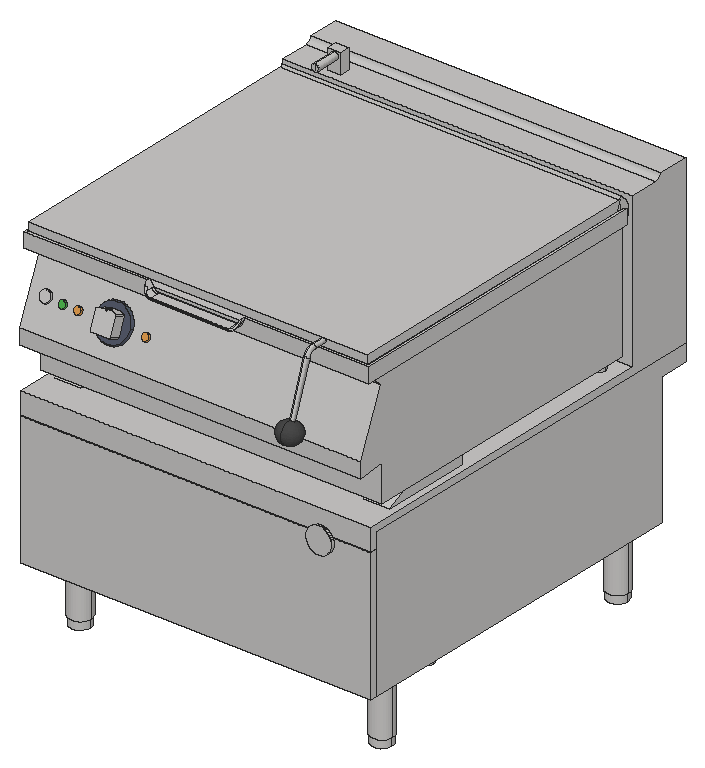
Revit family "QF_ZANUSSI_392137_Z9BRGHDOFM", category Specialty Equipment, Revit 2018
Family settings
  Round Connector Dimension = Use Diameter
  Part Type = Normal
  Work Plane-Based = No
  Always vertical = Yes
  Cut with Voids When Loaded = No
  Shared = No
  Room Calculation Point = No
Parameters
  Width = 800 mm  # constant formula
  Weight in Pounds = 150  # constant formula
  Weight = 0.00 kg
  Watts = 250 VA  # 250 W
  Volts = 230 V  # constant formula
  URL Manufacturer = "http://www.zanussiprofessional.com"
  URL Cutsheet = "www.electrolux.com"
  URL = "http://www.zanussiprofessional.com"
  Type Mark [instance] = ""
  Steam Supply Size = 0"
  Steam Supply Minimum Pressure = 0.00 psi
  Steam Supply Maximum Pressure = 0.00 psi
  Steam Pounds per Hour = 0
  Status [instance] = ""
  Specification by User [instance] = ""
  Specification by Manufacturer = ""
  Show Logo [instance] = yes
  Show Clearance [instance] = yes
  Serial Number = ""
  Seismic Rating = ""
  SMACNA No = ""
  Revision Code [instance] = ""
  Refrigeration Suction Line Size = 0"
  Refrigeration Liquid Line Size = 0"
  Refrigerant Compressor Remote = yes
  Plumbing Remarks [instance] = ""
  Plumbing Connection Type [instance] = ""
  Phase = 1
  Omniclass Number and Title = ""
  Number of Poles [instance] = 1
  NAFEM Spec ID Number = ""
  Model = "Z9BRGHDOFM"
  Min Ckt Ampacity = 0 A
  Mechanical Remarks [instance] = ""
  Mechanical Connection Type [instance] = ""
  Max Overcurrent Protection = 0 A
  Masterspec = ""
  Manufacturer = "Zanussi"
  Length Actual = 800 mm  # constant formula
  Item Number [instance] = "392137"
  Installed By [instance] = ""
  Identify Quantity as Lot [instance] = yes
  Hot Water Size = 0"
  Height Actual = 850 mm  # constant formula
  Height = 850 mm  # constant formula
  HP = "0.1 HP"
  Gas Size = 12.7 mm  # 1/2"
  Gas RI Height [instance] = 0 mm
  Gas KW = 21  # constant formula
  Gas Input = 20980.7 VA  # 71589.0 Btu/h
  Gas Connection Height [instance] = 0 mm
  Furnished By [instance] = ""
  Foodservice Equipment Identifier [instance] = yes
  FL Amps = if(Phase = 3, Watts / (Volts * 1.73), Watts / Volts)  # 1.08696 A
  Electrical Remarks [instance] = "230 V/1N ph/50/60 Hz"  # constant formula
  Electric Connection Type [instance] = ""
  Elec Conn RI Height [instance] = 0 mm
  Elec Conn Connection Height [instance] = 0 mm
  Direct Waste Size = 0"
  Description = "80LT GAS BRAISING PAN-DUOMAT BOTTOM AUT."
  Depth Actual = 900 mm  # constant formula
  Depth = 915 mm  # constant formula
  Cycle [instance] = if([60 Hertz Option], 60 Hz, 50 Hz)  # 60 Hz
  Conn Plug = ""
  Conn Conduit = yes
  Condensate Return Size = 0"
  Compressed Air Volume = 0 GPM
  Compressed Air Size = 0"
  Compressed Air Pressure = 0.00 psi
  Cold Water Temperature Recommended [instance] = -459.67 °F
  Cold Water Size = 3/4"
  Cold Water RI Height [instance] = 0 mm
  Cold Water Minimum Pressure = 0.00 psi
  Cold Water Maximum Pressure = 0.00 psi
  Cold Water Flow [instance] = 0 GPM
  Cold Water Consumption = ""
  Cold Water Connection Height = 0 mm
  CSI MasterFormat = ""
  CSI Master Format = ""
  Assembly Code = ""
  Apparent Power = if(Phase = 3, Volts * FL Amps * 1.73, Volts * FL Amps)  # 250 VA
  Accessory = yes
  60 Hertz Option [instance] = not([50 Hertz Option])  # yes
  50 Hertz Option [instance] = no
Reference planes
  plane 1 "BACK": y = 0
  plane 2: z = 0
  plane 3 "LEFT": x = 0
  plane 4 "RIGHT": x = 800
  plane 5 "FRONT": y = -915
  plane 6 "TOP": z = 898
  plane 7 "Center Y": x = 400
  plane 8 "Center X": y = -457.5
  plane 9 "Base": z = 149
  plane 10: z = 502.193
  plane 11: z = 1653
  plane 12: y = -125
  plane 13: y = -799
  plane 14: x = 55
  plane 15: y = -160.853
  plane 16: x = 745
  plane 17: y = -1014
  plane 18: y = -899.182
  plane 19: x = 786
  plane 20: z = 850
  plane 21 "Connection": z = 182
  plane 22: y = -706
  plane 23: x = 265
  plane 24: x = 105
  plane 25: x = 195
Forms (mm)
  Revolve 1, solid, material "QF_Finishes_Stainless Steel"
    sketch origin (0, -125, 0) x (1, 0, 0) y (0, 0, 1)
      loop
        line (55, 0) -> (55, 149) -> (29.6, 149) -> (29.6, 19.05) -> (32.1, 19.05) -> (32.1, 0) -> (55, 0)
      axis (55, 0) -> (55, 149)
    angle from 0 to 360
  Revolve 2, solid, material "QF_Finishes_Stainless Steel"
    sketch origin (0, -799, 0) x (1, 0, 0) y (0, 0, 1)
      loop
        line (55, 0) -> (55, 149) -> (29.6, 149) -> (29.6, 19.05) -> (32.1, 19.05) -> (32.1, 0) -> (55, 0)
      axis (55, 0) -> (55, 149)
    angle from 0 to 360
  Extrusion 3, solid, material "QF_Finishes_Stainless Steel"
    sketch origin (0, -214.682, 0) x (0, 1, 0) y (0, 0, 1)
      loop
        line (214.682, 487.193) -> (214.682, 866.248) -> (143.055, 866.248)
        arc (143.055, 866.248) -> (139.432, 857.502) -> (130.686, 853.88) r 12.368
        line (130.686, 853.88) -> (64.682, 853.88) -> (64.682, 502.193) -> (-684.5, 502.193) -> (-684.5, 452.193) -> (-669.5, 452.193) -> (-669.5, 487.193) -> (214.682, 487.193)
      loop
        line (-669.5, 149) -> (-669.5, 451.193) -> (-684.5, 451.193) -> (-684.5, 149) -> (-669.5, 149)
    from 0 to 800
  Extrusion 4, solid, material "QF_Finishes_Stainless Steel"
    sketch origin (0, -214.682, 0) x (0, 1, 0) y (0, 0, 1)
      loop
        line (44.029, 528.406) -> (44.029, 817.127) -> (-678.5, 817.127) -> (-678.5, 809.681) -> (-643.264, 774.446) -> (-700.318, 641.094) -> (-700.318, 606.094) -> (-640.765, 613.406) -> (-640.765, 528.406) -> (44.029, 528.406)
    from 10 to 790
  Sweep 5, solid, material "QF_Finishes_Stainless Steel"
    path origin (0, -204.882, 145) x (-1, 0, 0) y (0, -1, 0)
      loop
        line (-290, 694.3) -> (-5, 694.3) -> (-5, -44.029) -> (-795, -44.029) -> (-795, 694.3) -> (-510, 694.3)
    profile origin (652.5, -899.182, 145) x (0, -1, 0) y (0, 0, 1)
      loop
        line (-5, 651.359) -> (0, 651.359) -> (0, 685.301) -> (-6, 685.301) -> (-6, 681.062) -> (-5, 681.062) -> (-5, 651.359)
  Extrusion 6, solid, material "QF_Finishes_Stainless Steel"
    sketch origin (0, -214.682, -5) x (0, 1, 0) y (0, 0, 1)
      loop
        line (33.715, 835.301) -> (42.572, 855) -> (-677.138, 855) -> (-677.138, 835.301) -> (33.715, 835.301)
      loop
        arc (64.305, 837.022) -> (57.071, 850.749) -> (45.92, 861.539) r 49.182
        line (45.92, 861.539) -> (39.069, 846.301) -> (45.904, 846.301) -> (45.904, 832.604) -> (64.305, 814.204) -> (64.305, 837.022)
    from 12.363 to 787.637
  Extrusion 7, solid, material "QF_Finishes_Stainless Steel"
    sketch origin (0, -214.682, 0) x (0, 1, 0) y (0, 0, 1)
      loop
        line (-403.818, 528.406) -> (-556.057, 528.406) -> (-609.801, 502.193) -> (-403.818, 502.193) -> (-403.818, 528.406)
    from 16.63 to 76.513
  Extrusion 8, solid, material "QF_Finishes_Stainless Steel"
    sketch origin (0, -207.182, 150) x (-1, 0, 0) y (0, -1, 0)
      loop
        circle (-46.571, -17.496) r 15
      loop
        circle (-753.429, -17.496) r 15
    from 352.193 to 383.406
  Extrusion 9, solid, material "QF_Finishes_Stainless Steel"
    sketch origin (0, -64.682, 0) x (0, 1, 0) y (0, 0, 1)
      loop
        line (-43.387, 853.88) -> (-43.387, 898) -> (-67.444, 898) -> (-67.444, 853.88) -> (-43.387, 853.88)
    from 87.469 to 116.843
  Revolve 10, solid, material "QF_Finishes_Stainless Steel"
    sketch origin (103.25, -64.682, 0) x (0, 1, 0) y (0, 0, 1)
      loop
        line (-67.444, 888.097) -> (-67.444, 896.222) -> (-123.629, 896.222) -> (-123.629, 888.097) -> (-67.444, 888.097)
      axis (-123.629, 888.097) -> (-67.444, 888.097)
    angle from 0 to 360
  Extrusion 11, solid, material "QF_Clearances", visible <- "Show Clearance", detail levels coarse
    sketch origin (0, -214.682, 0) x (1, 0, 0) y (0, 1, 0)
      loop
        line (800, 214.682) -> (800, -700.318) -> (850, -700.318) -> (850, 264.682) -> (-50, 264.682) -> (-50, -700.318) -> (0, -700.318) -> (0, 214.682) -> (800, 214.682)
    from 0 to 898
  Extrusion 12, solid, material "QF_Finishes_Stainless Steel"
    sketch origin (800, 0, 0) x (0, 1, 0) y (0, 0, 1)
      loop
        line (-884.182, 149) -> (-69, 149) -> (-69, 448) -> (0, 448) -> (0, 487.193) -> (-884.182, 487.193) -> (-884.182, 149)
    from 0 to -800
  Revolve 13, solid, material "QF_Finishes_Stainless Steel"
    sketch origin (1000, -125, 0) x (-1, 0, 0) y (0, 0, -1)
      loop
        line (255, 0) -> (232.1, 0) -> (232.1, -19.05) -> (229.6, -19.05) -> (229.6, -149) -> (255, -149) -> (255, 0)
      axis (255, 0) -> (255, -149)
    angle from 0 to 360
  Revolve 14, solid, material "QF_Finishes_Stainless Steel"
    sketch origin (1000, -799, 0) x (-1, 0, 0) y (0, 0, -1)
      loop
        line (255, 0) -> (232.1, 0) -> (232.1, -19.05) -> (229.6, -19.05) -> (229.6, -149) -> (255, -149) -> (255, 0)
      axis (255, 0) -> (255, -149)
    angle from 0 to 360
  Sweep 15, solid, material "QF_Finishes_Stainless Steel"
    path origin (8.84, -214.682, -10) x (0, 1, 0) y (0, 0, 1)
      loop
        line (-677.138, 852.831) -> (-705.492, 852.831)
        arc (-705.492, 852.831) -> (-716.963, 849.214) -> (-724.286, 839.672) r 20
        line (-724.286, 839.672) -> (-765.322, 726.924)
    profile origin (8.84, -905.997, 842.831) x (0, 0, -1) y (1, 0, 0)
      loop
        circle (0, 676.16) r 5
  Revolve 16, solid, material "QF_Finishes_Black"
    sketch origin (685, -194.682, 0) x (0, 1, 0) y (0, 0, 1)
      loop
        line (-785.322, 716.924) -> (-792.738, 719.623)
        arc (-792.738, 719.623) -> (-818.978, 701.075) -> (-800.713, 674.638) r 22.845
        line (-800.713, 674.638) -> (-785.322, 716.924)
      axis (-785.322, 716.924) -> (-800.713, 674.638)
    angle from 0 to 360
  Extrusion 17, solid, material "QF_Finishes_Stainless Steel"
    sketch origin (800, -69, 149) x (-1, 0, 0) y (0, 1, 0)
      loop
        circle (14, -649.182) r 12.7
    from 0 to 5
  Extrusion 18, solid, material "QF_Finishes_Stainless Steel"
    sketch origin (-3.75, -899.182, 149) x (0, 0, 1) y (-1, 0, 0)
      loop
        circle (289.443, -688.75) r 30
    from 0 to 5
  Extrusion 19, solid, material "QF_Finishes_Stainless Steel"
    sketch origin (800, -214.682, 0) x (0, 1, 0) y (0, 0, -1)
      loop
        line (-403.818, -528.406) -> (-403.818, -502.193) -> (-609.801, -502.193) -> (-556.057, -528.406) -> (-403.818, -528.406)
    from 16.63 to 76.513
  Extrusion 20, solid, material "QF_Finishes_Stainless Steel"
    sketch origin (0, 0, 182) x (-1, 0, 0) y (0, -1, 0)
      loop
        circle (-105, 706) r 6.35
    from 0 to 45
  Extrusion 21, solid, material "QF_Finishes_Stainless Steel"
    sketch origin (21.213, 21.213, 182) x (-1, 0, 0) y (0, -1, 0)
      loop
        circle (-173.787, 719.213) r 6.35
    from 0 to 45
  Extrusion 22, solid, material "QF_Finishes_Stainless Steel"
    sketch origin (130, 0, 182) x (-1, 0, 0) y (0, -1, 0)
      loop
        circle (-135, 706) r 6.35
    from 0 to 45
  Extrusion 23, solid, material "QF_Finishes_Stainless Steel"
    sketch origin (0, -201.682, -15.905) x (1, 0, 0) y (0, 0, 1)
      loop
        line (509.996, 839.805) -> (509.996, 846.205) -> (502.677, 833.527)
        arc (502.677, 833.527) -> (496.674, 827.524) -> (488.474, 825.327) r 16.4
        line (488.474, 825.327) -> (311.526, 825.327)
        arc (311.526, 825.327) -> (303.32, 827.526) -> (297.312, 833.534) r 16.413
        line (297.312, 833.534) -> (289.996, 846.205) -> (289.996, 839.805) -> (294.541, 831.934)
        arc (294.541, 831.934) -> (301.72, 824.755) -> (311.526, 822.127) r 19.613
        line (311.526, 822.127) -> (488.474, 822.127)
        arc (488.474, 822.127) -> (498.274, 824.753) -> (505.448, 831.927) r 19.6
        line (505.448, 831.927) -> (509.996, 839.805)
    from 697.5 to 717.595
  Extrusion 24, void
    sketch origin (900, 188.397, 1219.2) x (0, -1, 0) y (0, 0, 1)
      loop
        line (1110.167, -415.736) -> (1110.167, -387.945) -> (1093.05, -387.945) -> (1110.167, -415.736)
    from 390 to 610
  Extrusion 25, solid, material "QF_Finishes_Orange"
    sketch origin (9.372, -901.482, 672.689) x (0, 0.393353, 0.919387) y (-1, 0, 0)
      loop
        circle (34.513, -113.251) r 8
    from 0 to 3.175
  Extrusion 26, solid, material "QF_Finishes_Green"
    sketch origin (14.068, -901.51, 672.624) x (0, 0.393353, 0.919387) y (-1, 0, 0)
      loop
        circle (34.513, -73.251) r 8
    from 0 to 3.175
  Extrusion 27, solid, material "QF_Finishes_Stainless Steel"
    sketch origin (10.937, -915, 641.094) x (0, 0.393353, 0.919387) y (-1, 0, 0)
      loop
        circle (71.473, -36.635) r 12.7
    from 0 to 3.2
  Extrusion 28, solid, material "QF_Finishes_Orange"
    sketch origin (164.372, -901.482, 672.689) x (0, 0.393353, 0.919387) y (-1, 0, 0)
      loop
        circle (34.513, -113.251) r 8
    from 0 to 3.175
  Extrusion 29, solid, material "QF_Clearances", visible <- "Show Clearance", detail levels coarse
    sketch origin (0, -996.643, 709.193) x (0, 0.238373, -0.971174) y (0, 0.971174, 0.238373)
      loop
        line (33.715, 835.301) -> (42.572, 855) -> (-677.138, 855) -> (-677.138, 835.301) -> (33.715, 835.301)
      loop
        arc (64.305, 837.022) -> (57.071, 850.749) -> (45.92, 861.539) r 49.182
        line (45.92, 861.539) -> (39.069, 846.301) -> (45.904, 846.301) -> (45.904, 832.604) -> (64.305, 814.204) -> (64.305, 837.022)
    from 12.363 to 787.637
  Sweep 30, solid, material "QF_Clearances", visible <- "Show Clearance", detail levels coarse
    path origin (8.84, -1001.499, 708.002) x (0, 0.238373, -0.971174) y (0, 0.971174, 0.238373)
      loop
        line (-677.138, 852.831) -> (-705.492, 852.831)
        arc (-705.492, 852.831) -> (-716.963, 849.214) -> (-724.286, 839.672) r 20
        line (-724.286, 839.672) -> (-765.322, 726.924)
    profile origin (8.84, -338.043, 1582.68) x (0, -0.971174, -0.238373) y (1, 0, 0)
      loop
        circle (0, 676.16) r 5
  Revolve 31, solid, material "QF_Clearances", visible <- "Show Clearance", detail levels coarse
    sketch origin (685, -987.02, 690.962) x (0, 0.238373, -0.971174) y (0, 0.971174, 0.238373)
      loop
        line (-785.322, 716.924) -> (-792.738, 719.623)
        arc (-792.738, 719.623) -> (-818.978, 701.075) -> (-800.713, 674.638) r 22.845
        line (-800.713, 674.638) -> (-785.322, 716.924)
      axis (-785.322, 716.924) -> (-800.713, 674.638)
    angle from 0 to 360
  Extrusion 32, solid, material "QF_Finishes_Stainless Steel"
    sketch origin (290, -899.182, 830.301) x (-1, 0, 0) y (0, 0, -1)
      loop
        line (0.004, 33.941) -> (-220, 33.941) -> (-220, -0.006) -> (-212.677, 12.678)
        arc (-212.677, 12.678) -> (-206.674, 18.681) -> (-198.474, 20.878) r 16.4
        line (-198.474, 20.878) -> (-21.526, 20.878)
        arc (-21.526, 20.878) -> (-13.32, 18.679) -> (-7.312, 12.672) r 16.413
        line (-7.312, 12.672) -> (0.004, 0) -> (0.004, 33.941)
    from 0 to -6
  Extrusion 33, solid, material "QF_Plastic-Black-Matte"
    sketch origin (145.417, -886.886, 706.805) x (0, 0.393353, 0.919387) y (0, 0.919387, -0.393353)
      loop
        line (26.984, -34) -> (23.984, -34) -> (23.984, -35) -> (26.984, -35)
        arc (26.984, -35) -> (27.691, -34.707) -> (27.984, -34) r 1
        line (27.984, -34) -> (27.984, -19) -> (26.984, -19) -> (26.984, -34)
    from -58.5 to -56.5
  Extrusion 34, solid, material "QF_Finishes_Stainless Steel"
    sketch origin (202.917, -886.886, 706.805) x (-1, 0, 0) y (0, -0.393353, -0.919387)
      loop
        line (17.5, -17.5) -> (17.5, 17.5) -> (-17.5, 17.5) -> (-17.5, -17.5) -> (17.5, -17.5)
    from 5 to 10
  Extrusion 35, solid, material "QF_Finishes_Stainless Steel"
    sketch origin (202.917, -886.886, 706.805) x (-1, 0, 0) y (0, -0.393353, -0.919387)
      loop
        arc (-21.147, -22.789) -> (0, -26.984) -> (21.147, -22.789) r 55.4
        arc (21.147, -22.789) -> (22.494, -21.685) -> (23, -20.019) r 2.997
        line (23, -20.019) -> (23, 20.019)
        arc (23, 20.019) -> (22.122, 22.138) -> (20.003, 23.016) r 2.997
        line (20.003, 23.016) -> (-20.003, 23.016)
        arc (-20.003, 23.016) -> (-22.122, 22.138) -> (-23, 20.019) r 2.997
        line (-23, 20.019) -> (-23, -20.019)
        arc (-23, -20.019) -> (-22.494, -21.685) -> (-21.147, -22.789) r 2.997
    from 10 to 34
  Blend 36, solid, material "QF_Finishes_Navy Blue"
    base sketch origin (202.917, -886.886, 706.805) x (1, 0, 0) y (0, 0.393353, 0.919387)
      loop
        circle (0, 0) r 42.5
    top sketch origin (202.917, -886.886, 706.805) x (1, 0, 0) y (0, 0.393353, 0.919387)
      loop
        circle (0, 0) r 40.5
    from 0 to 5
Cuts and joins
  Extrusion 24 cuts Extrusion 23
  joined: Sweep 5, Extrusion 23, Extrusion 32
Lines and regions (mm)
  Split face 1
    outline origin (202.917, -891.483, 708.772) x (1, 0, 0) y (0, 0.393353, 0.919387)
      loop
        arc (-0.521, 36.501) -> (-26.491, 26.394) -> (-37.708, 0.884) r 36.411
        line (-37.708, 0.884) -> (-31.708, 0.884)
        arc (-31.708, 0.884) -> (-21.998, 23.844) -> (-0.521, 36.501) r 39.733
  Split face 2
    outline origin (202.917, -891.483, 708.772) x (1, 0, 0) y (0, 0.393353, 0.919387)
      loop
        circle (-30.633, -14.752) r 1.5
  Split face 3
    outline origin (202.917, -891.483, 708.772) x (1, 0, 0) y (0, 0.393353, 0.919387)
      loop
        circle (-21.199, -26.582) r 1.5
  Split face 4
    outline origin (202.917, -891.483, 708.772) x (1, 0, 0) y (0, 0.393353, 0.919387)
      loop
        circle (-7.566, -33.148) r 1.5
  Split face 5
    outline origin (202.917, -891.483, 708.772) x (1, 0, 0) y (0, 0.393353, 0.919387)
      loop
        circle (7.566, -33.148) r 1.5
  Split face 6
    outline origin (202.917, -891.483, 708.772) x (1, 0, 0) y (0, 0.393353, 0.919387)
      loop
        circle (21.199, -26.582) r 1.5
  Split face 7
    outline origin (202.917, -891.483, 708.772) x (1, 0, 0) y (0, 0.393353, 0.919387)
      loop
        circle (30.633, -14.752) r 1.5
  Split face 8
    outline origin (202.917, -891.483, 708.772) x (1, 0, 0) y (0, 0.393353, 0.919387)
      loop
        circle (34, 0) r 1.5
  Split face 9
    outline origin (202.917, -891.483, 708.772) x (1, 0, 0) y (0, -0.393353, -0.919387)
      loop
        circle (30.633, -14.752) r 1.5
  Split face 10
    outline origin (202.917, -891.483, 708.772) x (1, 0, 0) y (0, -0.393353, -0.919387)
      loop
        circle (21.199, -26.582) r 1.5
  symbolic lines
    curve 1: line (10, -915, 149) -> (180, -915, 149)
    curve 2: line (0, -899.182, 149) -> (280.622, -899.182, 149)
    curve 3: line (5, -160.853, 149) -> (5, -899.182, 149)
    curve 4: line (0, 0, 149) -> (0, -899.182, 149)
    curve 5: line (800, -899.182, 149) -> (800, 0, 149)
    curve 6: line (5, -160.853, 149) -> (95.125, -160.853, 149)
    curve 7: line (789, -171.653, 149) -> (111.375, -171.653, 149)
    curve 8: line (0, -71.628, 149) -> (800, -71.628, 149)
    curve 9: line (111.375, -160.853, 149) -> (795, -160.853, 149)
    curve 10: line (95.125, -172.111, 149) -> (12.363, -172.111, 149)
    curve 11: line (90.942, -172.111, 149) -> (90.942, -192.672, 149)
    curve 12: line (117.192, -171.653, 149) -> (117.192, -192.672, 149)
    curve 13: arc (90.942, -192.672, 149) -> (104.067, -205.797, 149) -> (117.192, -192.672, 149) r 13.125
    curve 14: line (504.543, -915, 149) -> (680, -915, 149)
    curve 15: line (12.363, -891.82, 149) -> (787.637, -891.82, 149)
    curve 16: line (0, 0, 149) -> (800, 0, 149)
    curve 20: line (680, -980.005, 149) -> (680, -891.82, 149)
    curve 21: line (690, -980.005, 149) -> (690, -891.82, 149)
    curve 22: spline (685, -987.42, 149) -> (686.603, -987.265, 149) -> (688.14, -986.808, 149) -> (689.545, -986.066, 149) -> (690.761, -985.072, 149) -> (691.737, -983.866, 149) -> (692.431, -982.499, 149) -> (692.815, -981.028, 149) -> (692.874, -979.515, 149) -> (692.604, -978.022, 149) -> (692.016, -976.611, 149) -> (691.136, -975.342, 149) -> (690, -974.268, 149)
    curve 23: spline (690, -980.005, 149) -> (689.957, -980.618, 149) -> (689.83, -981.221, 149) -> (689.619, -981.803, 149) -> (689.33, -982.354, 149) -> (688.967, -982.865, 149) -> (688.536, -983.327, 149) -> (688.044, -983.732, 149) -> (687.5, -984.074, 149) -> (686.913, -984.345, 149) -> (686.294, -984.543, 149) -> (685.653, -984.663, 149) -> (685, -984.703, 149)
    curve 24: spline (685, -984.703, 149) -> (684.347, -984.663, 149) -> (683.706, -984.543, 149) -> (683.087, -984.345, 149) -> (682.5, -984.074, 149) -> (681.956, -983.732, 149) -> (681.464, -983.327, 149) -> (681.033, -982.865, 149) -> (680.67, -982.354, 149) -> (680.381, -981.803, 149) -> (680.17, -981.221, 149) -> (680.043, -980.618, 149) -> (680, -980.005, 149)
    curve 25: spline (680, -974.268, 149) -> (678.864, -975.342, 149) -> (677.984, -976.611, 149) -> (677.396, -978.022, 149) -> (677.126, -979.515, 149) -> (677.185, -981.028, 149) -> (677.569, -982.499, 149) -> (678.263, -983.866, 149) -> (679.239, -985.072, 149) -> (680.455, -986.066, 149) -> (681.86, -986.808, 149) -> (683.397, -987.265, 149) -> (685, -987.42, 149)
    curve 26: line (95.125, -188.311, 149) -> (111.375, -188.311, 149)
    curve 27: line (95.125, -132.127, 149) -> (95.125, -188.311, 149)
    curve 28: line (111.375, -188.311, 149) -> (111.375, -132.127, 149)
    curve 29: line (87.469, -132.127, 149) -> (116.843, -132.127, 149)
    curve 30: line (87.469, -108.069, 149) -> (87.469, -132.127, 149)
    curve 31: line (116.843, -108.069, 149) -> (87.469, -108.069, 149)
    curve 32: line (116.843, -132.127, 149) -> (116.843, -108.069, 149)
    curve 33: arc (680, -961.314, 149) -> (685, -1014, 149) -> (690, -961.314, 149) r 26.58
    curve 34: line (0, -150, 182) -> (95.125, -150, 182)
    curve 35: line (800, -150, 182) -> (111.375, -150, 182)
    curve 36: line (12.363, -891.82, 149) -> (12.363, -172.111, 149)
    curve 37: line (787.637, -891.82, 149) -> (787.637, -171.653, 149)
    curve 38: line (790, -915, 182) -> (790, -899.182, 182)
    curve 39: line (10, -899.182, 182) -> (10, -915, 182)
    curve 40: line (795, -160.853, 149) -> (795, -899.182, 149)
    curve 41: line (225.917, -915, 149) -> (295.414, -915, 149)
    curve 42: line (519.371, -899.182, 182) -> (505.448, -914.035, 182)
    curve 43: spline (505.442, -914.033, 182) -> (504.902, -914.595, 182) -> (504.301, -915.14, 182) -> (503.641, -915.666, 182) -> (502.924, -916.17, 182) -> (502.153, -916.653, 182) -> (501.331, -917.111, 182) -> (500.459, -917.544, 182) -> (499.542, -917.95, 182) -> (498.582, -918.327, 182) -> (497.581, -918.675, 182) -> (496.544, -918.992, 182) -> (495.475, -919.277, 182)
    curve 44: line (304.523, -919.277, 182) -> (495.475, -919.277, 182)
    curve 45: line (294.541, -914.031, 182) -> (280.622, -899.182, 182)
    curve 46: spline (304.523, -919.277, 182) -> (303.452, -918.992, 182) -> (302.414, -918.675, 182) -> (301.413, -918.327, 182) -> (300.452, -917.949, 182) -> (299.534, -917.543, 182) -> (298.662, -917.11, 182) -> (297.838, -916.651, 182) -> (297.067, -916.168, 182) -> (296.35, -915.663, 182) -> (295.689, -915.137, 182) -> (295.087, -914.592, 182) -> (294.547, -914.029, 182)
    curve 47: line (519.371, -899.182, 149) -> (680, -899.182, 149)
    curve 48: line (690, -899.182, 149) -> (800, -899.182, 149)
    curve 49: line (690, -915, 149) -> (790, -915, 149)
    curve 50: line (179.917, -899.608, 0) -> (179.917, -925.865, 0)
    curve 51: arc (179.917, -925.865, 0) -> (180.063, -926.329, 0) -> (180.449, -926.625, 0) r 0.809
    curve 52: arc (180.449, -926.625, 0) -> (181.637, -927.106, 0) -> (182.915, -927.199, 0) r 4.127
    curve 53: arc (179.917, -910.498, 0) -> (180.419, -909.777, 0) -> (181.217, -909.408, 0) r 1.682
    curve 54: arc (181.217, -909.408, 0) -> (191.519, -907.91, 0) -> (201.917, -907.4, 0) r 109.079
    curve 55: line (201.917, -899.595, 0) -> (201.917, -909.63, 0)
    curve 56: line (201.917, -909.63, 0) -> (203.917, -909.63, 0)
    curve 57: line (203.917, -909.63, 0) -> (203.917, -899.63, 0)
    curve 58: line (225.917, -899.595, 0) -> (225.917, -925.865, 0)
    curve 59: arc (225.917, -925.865, 0) -> (225.771, -926.329, 0) -> (225.385, -926.625, 0) r 0.809
    curve 60: arc (225.385, -926.625, 0) -> (224.197, -927.106, 0) -> (222.92, -927.199, 0) r 4.127
    curve 61: arc (225.917, -910.498, 0) -> (225.415, -909.777, 0) -> (224.618, -909.408, 0) r 1.682
    curve 62: arc (224.618, -909.408, 0) -> (214.315, -907.91, 0) -> (203.917, -907.4, 0) r 109.079
    curve 63: line (182.915, -927.199, 0) -> (222.92, -927.199, 0)
    curve 64: spline (225.917, -904.595, 0) -> (227.104, -904.261, 0) -> (228.259, -903.91, 0) -> (229.381, -903.542, 0) -> (230.469, -903.159, 0) -> (231.521, -902.761, 0) -> (232.535, -902.348, 0) -> (233.512, -901.921, 0) -> (234.448, -901.481, 0) -> (235.344, -901.027, 0) -> (236.197, -900.561, 0) -> (237.007, -900.084, 0) -> (237.773, -899.595, 0)
    curve 65: spline (168.061, -899.595, 0) -> (168.827, -900.084, 0) -> (169.637, -900.561, 0) -> (170.491, -901.027, 0) -> (171.386, -901.481, 0) -> (172.323, -901.921, 0) -> (173.299, -902.348, 0) -> (174.314, -902.761, 0) -> (175.366, -903.159, 0) -> (176.453, -903.542, 0) -> (177.576, -903.91, 0) -> (178.731, -904.261, 0) -> (179.917, -904.595, 0)
  symbolic lines, style "QF_Clearances", visible <- "Show Clearance", detail levels coarse
    curve 17: line (-50, 50, 150) -> (-50, -918.182, 150)
    curve 18: line (850, 50, 150) -> (850, -915, 150)
    curve 19: line (850, 50, 150) -> (-50, 50, 150)
Dimensions and locks
  equal spacing: plane 3 "LEFT", plane 7 "Center Y", plane 4 "RIGHT"
  "Width": plane 3 "LEFT" to plane 4 "RIGHT"
  equal spacing: plane 5 "FRONT", plane 8 "Center X", plane 1 "BACK"
  "Depth": plane 5 "FRONT" to plane 1 "BACK"
  plane 9 "Base" to level = 149 mm
  plane 11 to level = 1653 mm
  plane 11 to plane 2 = 1653 mm
  plane 9 "Base" to plane 2 = 149 mm
  plane 13 to plane 12 = 674 mm
  plane 5 "FRONT" to plane 1 "BACK" = 915 mm
  plane 6 "TOP" to plane 2 = 898 mm
  plane 4 "RIGHT" to plane 16 to plane 14 to plane 3 "LEFT" = 55 mm, 690 mm, 55 mm
  plane 1 "BACK" to plane 17 = 1014 mm
  Extrusion 12 to plane 1 "BACK" = 69 mm
  Extrusion 6 to plane 9 "Base" = 701 mm
  plane 2 to Extrusion 12 = 448 mm
  Extrusion 3 to plane 13 = 100.182 mm
  plane 12 to Extrusion 12 = 56 mm
  plane 4 "RIGHT" to plane 19 = 14 mm
  plane 20 to plane 9 "Base" to level = 701 mm, 149 mm
  plane 1 "BACK" to Extrusion 12 = 69 mm
  Extrusion 12 to plane 12 = 56 mm
  plane 12 to plane 13 = 674 mm
  plane 13 to Extrusion 3 = 100.182 mm
  Extrusion 12 to level = 448 mm
  plane 6 "TOP" to level = 898 mm
  plane 21 "Connection" to level = 182 mm
  plane 1 "BACK" to plane 22 = 706 mm
  plane 3 "LEFT" to Extrusion 20 sketch curve = 105 mm
  Extrusion 21 sketch curve to plane 1 "BACK" = 698 mm
  plane 3 "LEFT" to Extrusion 21 sketch curve = 195 mm
  Extrusion 21 to plane 1 "BACK" = 698 mm
  plane 3 "LEFT" to Extrusion 22 sketch curve = 265 mm
  plane 3 "LEFT" to plane 24 = 105 mm
  plane 3 "LEFT" to plane 25 = 195 mm
  plane 3 "LEFT" to plane 23 = 265 mm
  Extrusion 3 to Extrusion 17 = 181 mm
  Extrusion 17 to Extrusion 3 = 181 mm
  "Height": plane 20 to level
  aligned and locked: level to plane 2
  aligned and locked: Extrusion 12 to plane 3 "LEFT"
Automatic sketch dimensions
  Revolve 1 sketch curve to plane 9 "Base" = 0 mm  (x2)
  Revolve 1 sketch curve to level = 0 mm
  Revolve 1 sketch curve to plane 14 = 0 mm  (x2)
  Revolve 1 sketch curve to Revolve 1 sketch curve = 22.9 mm
  Revolve 1 sketch curve to Revolve 1 sketch curve = 2.5 mm
  level to Revolve 1 sketch curve = 19.05 mm
  Revolve 1 sketch curve to plane 21 "Connection" = 13 mm
  Revolve 2 sketch curve to plane 9 "Base" = 0 mm  (x2)
  Revolve 2 sketch curve to level = 0 mm
  Revolve 2 sketch curve to plane 14 = 0 mm  (x2)
  Revolve 2 sketch curve to Revolve 2 sketch curve = 22.9 mm
  Revolve 2 sketch curve to Revolve 2 sketch curve = 2.5 mm
  level to Revolve 2 sketch curve = 19.05 mm
  Revolve 2 sketch curve to plane 21 "Connection" = 13 mm
  Extrusion 7 sketch curve to plane 10 = 0 mm
  Extrusion 7 sketch curve to plane 13 = 25.484 mm
  plane 13 to Extrusion 7 sketch curve = 28.261 mm
  plane 22 to Extrusion 7 sketch curve = 87.5 mm
  plane 10 to Extrusion 7 sketch curve = 26.213 mm
  Extrusion 8 sketch curve to plane 16 = 8.429 mm
  Extrusion 8 sketch curve to plane 14 = 8.429 mm
  Extrusion 8 sketch curve to plane 12 = 64.686 mm  (x2)
  Extrusion 9 sketch curve to plane 6 "TOP" = 0 mm
  Extrusion 9 sketch curve to plane 12 = 7.127 mm
  plane 12 to Extrusion 9 sketch curve = 16.931 mm
  plane 20 to Extrusion 9 sketch curve = 3.88 mm
  Revolve 10 sketch curve to plane 6 "TOP" = 9.903 mm
  Revolve 10 sketch curve to plane 12 = 63.311 mm
  Revolve 10 sketch curve to plane 12 = 7.127 mm
  Revolve 10 sketch curve to Revolve 10 sketch curve = 0 mm  (x2)
  plane 12 to Revolve 10 sketch curve = 1.394 mm
  Revolve 10 sketch curve to plane 6 "TOP" = 1.778 mm
  Revolve 13 sketch curve to plane 9 "Base" = 0 mm  (x2)
  Revolve 13 sketch curve to level = 0 mm
  plane 16 to Revolve 13 sketch curve = 0 mm  (x2)
  Revolve 13 sketch curve to plane 19 = 18.1 mm
  Revolve 13 sketch curve to Revolve 13 sketch curve = 2.5 mm
  Revolve 13 sketch curve to plane 21 "Connection" = 13 mm
  level to Revolve 13 sketch curve = 19.05 mm
  Revolve 14 sketch curve to plane 9 "Base" = 0 mm  (x2)
  Revolve 14 sketch curve to level = 0 mm
  plane 16 to Revolve 14 sketch curve = 0 mm  (x2)
  Revolve 14 sketch curve to plane 19 = 18.1 mm
  Revolve 14 sketch curve to Revolve 14 sketch curve = 2.5 mm
  Revolve 14 sketch curve to plane 21 "Connection" = 13 mm
  level to Revolve 14 sketch curve = 19.05 mm
  plane 17 to Revolve 16 sketch curve = 18.604 mm
  Revolve 16 sketch curve to Revolve 16 sketch curve = 0 mm  (x4)
  plane 17 to Revolve 16 sketch curve = 22.834 mm
  Revolve 16 sketch curve to Revolve 16 sketch curve = 3.746 mm
  Revolve 16 sketch curve to Revolve 16 sketch curve = 7.415 mm
  plane 10 to Revolve 16 sketch curve = 172.444 mm
  Revolve 16 sketch curve to Revolve 16 sketch curve = 22.45 mm
  plane 10 to Extrusion 19 sketch curve = 0 mm
  Extrusion 19 sketch curve to plane 13 = 25.484 mm
  plane 13 to Extrusion 19 sketch curve = 28.261 mm
  plane 22 to Extrusion 19 sketch curve = 87.5 mm
  plane 10 to Extrusion 19 sketch curve = 26.213 mm
  Extrusion 23 sketch curve to Extrusion 23 sketch curve = 0 mm  (x4)
  Extrusion 23 sketch curve to plane 23 = 24.996 mm
  Extrusion 23 sketch curve to Extrusion 23 sketch curve = 4.545 mm
  Extrusion 23 sketch curve to Extrusion 23 sketch curve = 2.771 mm  (x2)
  Extrusion 23 sketch curve to Extrusion 23 sketch curve = 14.214 mm
  Extrusion 23 sketch curve to plane 20 = 40.578 mm
  plane 7 "Center Y" to Extrusion 23 sketch curve = 88.474 mm
  Extrusion 23 sketch curve to plane 20 = 32.378 mm
  Extrusion 23 sketch curve to Extrusion 23 sketch curve = 14.203 mm
  Extrusion 23 sketch curve to plane 20 = 33.978 mm
  Extrusion 23 sketch curve to plane 20 = 19.699 mm
  Extrusion 23 sketch curve to Extrusion 23 sketch curve = 7.32 mm
  Extrusion 23 sketch curve to Extrusion 23 sketch curve = 6.606 mm
  Extrusion 23 sketch curve to Extrusion 23 sketch curve = 6.4 mm  (x2)
  Extrusion 23 sketch curve to Extrusion 23 sketch curve = 7.872 mm
  Extrusion 25 sketch curve to plane 24 = 17.623 mm
  plane 24 to Extrusion 26 sketch curve = 17.681 mm
  Extrusion 27 sketch curve to plane 14 = 7.427 mm
  Extrusion 28 sketch curve to plane 23 = 12.623 mm
  Extrusion 29 sketch curve to plane 11 = 87.075 mm
  plane 8 "Center X" to Extrusion 29 sketch curve = 110.667 mm
  Extrusion 29 sketch curve to Extrusion 29 sketch curve = 694.86 mm
  Extrusion 29 sketch curve to Extrusion 29 sketch curve = 15.993 mm
  Extrusion 29 sketch curve to Extrusion 29 sketch curve = 5.354 mm
  Extrusion 29 sketch curve to Extrusion 29 sketch curve = 3.503 mm
  Extrusion 29 sketch curve to Extrusion 29 sketch curve = 12.189 mm
  Extrusion 29 sketch curve to Extrusion 29 sketch curve = 3.348 mm
  Extrusion 29 sketch curve to Extrusion 29 sketch curve = 18.4 mm  (x2)
  Extrusion 29 sketch curve to Extrusion 29 sketch curve = 2.697 mm
  Extrusion 29 sketch curve to Extrusion 29 sketch curve = 14.057 mm
  Extrusion 29 sketch curve to Extrusion 29 sketch curve = 4.418 mm
  Extrusion 29 sketch curve to Extrusion 29 sketch curve = 11 mm
  Extrusion 29 sketch curve to Extrusion 29 sketch curve = 6.539 mm
  Sweep 30 sketch curve to plane 8 "Center X" = 20.462 mm
  Sweep 30 sketch curve to plane 11 = 28.458 mm
  Sweep 30 sketch curve to Sweep 30 sketch curve = 41.037 mm
  Sweep 30 sketch curve to Sweep 30 sketch curve = 18.794 mm
  Sweep 30 sketch curve to Sweep 30 sketch curve = 28.354 mm
  Sweep 30 sketch curve to Sweep 30 sketch curve = 105.908 mm
  Sweep 30 sketch curve to Sweep 30 sketch curve = 6.84 mm
  Sweep 30 sketch curve to profile plane = 0 mm
  profile plane to Sweep 30 sketch curve = 676.16 mm
  Revolve 31 sketch curve to plane 11 = 23.591 mm
  Revolve 31 sketch curve to plane 8 "Center X" = 65.198 mm
  Revolve 31 sketch curve to Revolve 31 sketch curve = 0 mm  (x4)
  Revolve 31 sketch curve to Revolve 31 sketch curve = 4.229 mm
  Revolve 31 sketch curve to Revolve 31 sketch curve = 3.746 mm
  Revolve 31 sketch curve to Revolve 31 sketch curve = 7.415 mm
  Revolve 31 sketch curve to Revolve 31 sketch curve = 22.45 mm
  Extrusion 32 sketch curve to plane 20 = 53.641 mm
  plane 7 "Center Y" to Extrusion 32 sketch curve = 110 mm
  Extrusion 32 sketch curve to plane 20 = 32.378 mm
  Extrusion 32 sketch curve to Extrusion 32 sketch curve = 7.323 mm
  Extrusion 32 sketch curve to Extrusion 32 sketch curve = 14.203 mm
  Extrusion 32 sketch curve to plane 23 = 46.526 mm
  Extrusion 32 sketch curve to Extrusion 32 sketch curve = 14.214 mm
  Extrusion 32 sketch curve to Extrusion 32 sketch curve = 7.316 mm
  Extrusion 32 sketch curve to Extrusion 32 sketch curve = 21.27 mm
  Extrusion 32 sketch curve to Extrusion 32 sketch curve = 8.2 mm
  Extrusion 32 sketch curve to Extrusion 32 sketch curve = 12.672 mm
  Extrusion 32 sketch curve to Extrusion 32 sketch curve = 12.685 mm
  Split face 1 sketch curve to Split face 1 sketch curve = 6 mm
  Split face 1 sketch curve to Split face 1 sketch curve = 30.402 mm
  Split face 1 sketch curve to Split face 1 sketch curve = 9.201 mm
  Split face 1 sketch curve to Split face 1 sketch curve = 2.43 mm
  Split face 1 sketch curve to Split face 1 sketch curve = 0.785 mm
  Extrusion 34 sketch curve to plane 25 = 25.417 mm
  plane 25 to Extrusion 34 sketch curve = 9.583 mm
  Extrusion 34 sketch curve to Extrusion 34 sketch curve = 35 mm
  Extrusion 35 sketch curve to plane 25 = 30.917 mm
  Extrusion 35 sketch curve to Extrusion 35 sketch curve = 2.997 mm  (x3)
  Extrusion 35 sketch curve to plane 25 = 7.917 mm
  plane 25 to Extrusion 35 sketch curve = 12.085 mm  (x2)
  Extrusion 35 sketch curve to Extrusion 35 sketch curve = 0 mm  (x2)
  Extrusion 35 sketch curve to Extrusion 35 sketch curve = 40.037 mm
  Extrusion 35 sketch curve to Extrusion 35 sketch curve = 5.399 mm
  Blend 36 sketch curve to plane 25 = 7.917 mm  (x2)
  plane 5 "FRONT" to curve 18 = 0 mm
  plane 4 "RIGHT" to curve 18 = 50 mm
  curve 19 to plane 3 "LEFT" = 50 mm
  curve 17 to plane 1 "BACK" = 50 mm
  plane 5 "FRONT" to curve 17 = 3.182 mm
  Extrusion 3 sketch curve to plane 10 = 0 mm
  Extrusion 3 sketch curve to plane 9 "Base" = 0 mm
  Extrusion 3 sketch curve to plane 1 "BACK" = 0 mm
  plane 20 to Extrusion 3 sketch curve = 16.248 mm
  plane 12 to Extrusion 3 sketch curve = 53.372 mm
  Extrusion 3 sketch curve to Extrusion 3 sketch curve = 12.368 mm
  Extrusion 3 sketch curve to plane 12 = 25 mm
  Extrusion 3 sketch curve to plane 5 "FRONT" = 30.818 mm  (x2)
  Extrusion 3 sketch curve to plane 10 = 15 mm
  Extrusion 3 sketch curve to Extrusion 3 sketch curve = 15 mm
  Extrusion 3 sketch curve to plane 5 "FRONT" = 15.818 mm
  Extrusion 3 sketch curve to Extrusion 3 sketch curve = 36 mm
  Extrusion 3 sketch curve to Extrusion 3 sketch curve = 1 mm
  Extrusion 4 sketch curve to plane 5 "FRONT" = 0 mm
  Extrusion 4 sketch curve to plane 5 "FRONT" = 21.818 mm
  Extrusion 4 sketch curve to Extrusion 4 sketch curve = 35.236 mm
  plane 10 to Extrusion 4 sketch curve = 26.213 mm
  Extrusion 4 sketch curve to plane 13 = 56.447 mm
  Extrusion 4 sketch curve to plane 12 = 45.653 mm
  Extrusion 4 sketch curve to Extrusion 4 sketch curve = 77.688 mm
  Extrusion 4 sketch curve to Extrusion 4 sketch curve = 7.312 mm
  Extrusion 4 sketch curve to Extrusion 4 sketch curve = 35 mm
  Extrusion 4 sketch curve to plane 20 = 75.554 mm
  Extrusion 4 sketch curve to plane 20 = 40.319 mm
  Extrusion 4 sketch curve to plane 20 = 32.873 mm
  plane 15 to Sweep 5 sketch curve = 0 mm
  Sweep 5 sketch curve to plane 4 "RIGHT" = 5 mm
  plane 3 "LEFT" to Sweep 5 sketch curve = 5 mm
  Sweep 5 sketch curve to plane 5 "FRONT" = 15.818 mm  (x2)
  plane 7 "Center Y" to Sweep 5 sketch curve = 110 mm
  Sweep 5 sketch curve to plane 23 = 25 mm
  Sweep 5 sketch curve to profile plane = 0 mm
  profile plane to Sweep 5 sketch curve = 5 mm
  Sweep 5 sketch curve to Sweep 5 sketch curve = 1 mm
  profile plane to Sweep 5 sketch curve = 651.359 mm
  Sweep 5 sketch curve to Sweep 5 sketch curve = 29.703 mm
  Sweep 5 sketch curve to Sweep 5 sketch curve = 4.238 mm
  Extrusion 6 sketch curve to plane 20 = 0 mm
  Extrusion 6 sketch curve to plane 5 "FRONT" = 23.18 mm
  Extrusion 6 sketch curve to plane 20 = 33.757 mm
  Extrusion 6 sketch curve to plane 12 = 71.96 mm
  Extrusion 6 sketch curve to plane 20 = 19.699 mm
  Extrusion 6 sketch curve to Extrusion 6 sketch curve = 15.993 mm
  Extrusion 6 sketch curve to plane 20 = 8.699 mm
  Extrusion 6 sketch curve to Extrusion 6 sketch curve = 5.354 mm
  Extrusion 6 sketch curve to Extrusion 6 sketch curve = 3.503 mm
  Extrusion 6 sketch curve to Extrusion 6 sketch curve = 12.189 mm
  plane 20 to Extrusion 6 sketch curve = 6.539 mm
  Extrusion 6 sketch curve to Extrusion 6 sketch curve = 3.348 mm
  Extrusion 6 sketch curve to plane 20 = 17.978 mm
  Extrusion 6 sketch curve to Extrusion 6 sketch curve = 22.819 mm
  Extrusion 6 sketch curve to Extrusion 6 sketch curve = 2.697 mm
  plane 5 "FRONT" to Extrusion 11 sketch curve = 0 mm  (x2)
  Extrusion 11 sketch curve to plane 3 "LEFT" = 0 mm
  plane 1 "BACK" to Extrusion 11 sketch curve = 0 mm
  Extrusion 11 sketch curve to plane 4 "RIGHT" = 0 mm
  Extrusion 11 sketch curve to plane 3 "LEFT" = 50 mm
  plane 4 "RIGHT" to Extrusion 11 sketch curve = 50 mm
  Extrusion 11 sketch curve to plane 1 "BACK" = 50 mm
  Extrusion 12 sketch curve to plane 9 "Base" = 0 mm
  Extrusion 12 sketch curve to plane 1 "BACK" = 0 mm
  plane 12 to Extrusion 12 sketch curve = 56 mm
  Extrusion 12 sketch curve to plane 5 "FRONT" = 30.818 mm
  Extrusion 12 sketch curve to plane 10 = 54.193 mm
  Extrusion 12 sketch curve to plane 10 = 15 mm
  plane 5 "FRONT" to Sweep 15 sketch curve = 23.968 mm
  plane 5 "FRONT" to Sweep 15 sketch curve = 5.174 mm
  Sweep 15 sketch curve to plane 20 = 27.169 mm
  Sweep 15 sketch curve to Sweep 15 sketch curve = 6.84 mm
  plane 17 to Sweep 15 sketch curve = 33.995 mm
  Sweep 15 sketch curve to plane 5 "FRONT" = 23.18 mm
  Sweep 15 sketch curve to Sweep 15 sketch curve = 112.748 mm
  Sweep 15 sketch curve to profile plane = 0 mm
  profile plane to Sweep 15 sketch curve = 676.16 mm
  Extrusion 17 sketch curve to Extrusion 12 = 14 mm
  Extrusion 17 sketch curve to Extrusion 12 = 166 mm
  Extrusion 18 sketch curve to Extrusion 3 = 12.75 mm
  Extrusion 3 to Extrusion 18 sketch curve = 115 mm
  Extrusion 20 sketch curve to plane 22 = 0 mm
  Extrusion 22 sketch curve to plane 22 = 0 mm
  curve 35 to plane 4 "RIGHT" = 0 mm
  plane 5 "FRONT" to curve 38 = 0 mm
  plane 5 "FRONT" to curve 39 = 0 mm
  curve 34 to plane 3 "LEFT" = 0 mm
  plane 5 "FRONT" to curve 44 = 4.277 mm
  plane 7 "Center Y" to curve 44 = 95.475 mm
  curve 44 to plane 23 = 39.523 mm
  plane 19 to curve 38 = 4 mm
  curve 42 to plane 5 "FRONT" = 15.818 mm
  curve 42 to curve 43 = 23.896 mm
  curve 43 to curve 43 = 11.938 mm
  curve 42 to plane 5 "FRONT" = 0.965 mm
  curve 43 to curve 42 = 1.965 mm
  curve 42 to curve 43 = 0.006 mm
  curve 43 to plane 5 "FRONT" = 5.606 mm
  curve 44 to curve 43 = 8.908 mm
  curve 46 to plane 5 "FRONT" = 5.613 mm
  curve 46 to curve 44 = 8.911 mm
  curve 46 to plane 5 "FRONT" = 0.971 mm
  curve 46 to curve 46 = 9.976 mm
  curve 45 to plane 5 "FRONT" = 0.969 mm
  curve 46 to curve 45 = 0.006 mm
  curve 45 to plane 23 = 15.622 mm
  curve 35 to plane 24 = 6.375 mm
  plane 24 to curve 34 = 9.875 mm
  plane 3 "LEFT" to curve 39 = 10 mm
  curve 45 to curve 46 = 10.205 mm
  curve 39 to plane 5 "FRONT" = 15.818 mm
  curve 38 to plane 5 "FRONT" = 15.818 mm
  curve 34 to plane 12 = 25 mm
  curve 34 to curve 35 = 0 mm
  Extrusion 24 sketch curve to plane 5 "FRONT" = 10.347 mm
  plane 5 "FRONT" to Extrusion 24 sketch curve = 6.769 mm
  Extrusion 24 sketch curve to plane 20 = 46.536 mm
  Extrusion 24 sketch curve to plane 20 = 18.745 mm
  Extrusion 33 sketch curve to plane 5 "FRONT" = 5.37 mm
  Extrusion 33 sketch curve to plane 20 = 107.377 mm
  Extrusion 33 sketch curve to Extrusion 33 sketch curve = 3 mm
  Extrusion 33 sketch curve to Extrusion 33 sketch curve = 0 mm
  Extrusion 33 sketch curve to Extrusion 33 sketch curve = 1 mm  (x2)
  Extrusion 33 sketch curve to Extrusion 33 sketch curve = 15 mm
  plane 25 to curve 50 = 15.083 mm
  curve 51 to curve 51 = 0.809 mm
  curve 53 to curve 53 = 1.583 mm
  curve 51 to curve 52 = 1.846 mm
  curve 51 to curve 63 = 2.189 mm
  curve 53 to curve 56 = 20.417 mm
  curve 54 to plane 25 = 7.048 mm
  curve 54 to curve 62 = 1.738 mm
  curve 55 to curve 57 = 2 mm
  plane 23 to curve 63 = 42.08 mm
  curve 60 to curve 60 = 0.343 mm
  curve 60 to curve 61 = 1.071 mm
  curve 60 to curve 59 = 2.189 mm
  curve 59 to curve 58 = 0.809 mm
  curve 62 to plane 17 = 2.479 mm
  curve 54 to curve 62 = 0 mm
  curve 52 to curve 50 = 1.333 mm
  curve 60 to curve 59 = 1.333 mm
  curve 59 to curve 60 = 2.779 mm
  curve 51 to curve 52 = 2.779 mm
  curve 52 to curve 53 = 12.021 mm
  curve 60 to curve 61 = 12.021 mm
  curve 53 to curve 56 = 1.435 mm
  plane 25 to curve 65 = 26.939 mm
  curve 64 to curve 65 = 5.644 mm
  curve 65 to curve 64 = 0 mm
  curve 54 to curve 53 = 0.284 mm
  curve 55 to curve 65 = 1 mm
  curve 64 to curve 65 = 0 mm
  curve 61 to curve 62 = 0.284 mm
  plane 23 to curve 64 = 27.227 mm
  curve 61 to curve 61 = 0.567 mm
  curve 53 to curve 53 = 0.567 mm
  curve 53 to curve 65 = 4.813 mm
  curve 62 to curve 64 = 4.813 mm
  curve 62 to curve 57 = 7.77 mm
  curve 65 to curve 50 = 4.987 mm
  curve 64 to curve 58 = 5.001 mm
  curve 58 to curve 64 = 0 mm
  curve 65 to curve 64 = 8.112 mm
  curve 57 to curve 55 = 0.035 mm
  plane 5 "FRONT" to curve 63 = 12.199 mm
  plane 1 "BACK" to curve 16 = 0 mm
  curve 16 to plane 4 "RIGHT" = 0 mm
  plane 5 "FRONT" to curve 49 = 0 mm
  plane 5 "FRONT" to curve 14 = 0 mm
  plane 5 "FRONT" to curve 41 = 0 mm
  plane 5 "FRONT" to curve 1 = 0 mm
  curve 4 to plane 3 "LEFT" = 0 mm
  curve 40 to plane 4 "RIGHT" = 5 mm
  plane 19 to curve 15 = 1.637 mm
  plane 16 to curve 21 = 55 mm
  curve 21 to curve 33 = 5 mm
  curve 33 to curve 20 = 5 mm
  curve 12 to plane 24 = 12.192 mm
  curve 32 to plane 24 = 11.843 mm
  curve 28 to plane 24 = 6.375 mm
  plane 24 to curve 13 = 0.933 mm
  curve 27 to curve 13 = 4.184 mm
  curve 27 to curve 30 = 7.657 mm
  plane 3 "LEFT" to curve 36 = 12.363 mm
  plane 3 "LEFT" to curve 6 = 5 mm
  plane 12 to curve 32 = 16.931 mm
  curve 29 to plane 12 = 7.127 mm
  curve 9 to plane 12 = 35.853 mm
  curve 3 to plane 12 = 35.853 mm
  curve 3 to curve 36 = 11.257 mm
  curve 10 to curve 28 = 16.201 mm
  curve 26 to curve 11 = 4.36 mm
  curve 15 to plane 5 "FRONT" = 23.18 mm
  curve 15 to curve 5 = 7.363 mm
  curve 15 to curve 4 = 7.363 mm
  plane 17 to curve 20 = 33.995 mm
  curve 21 to curve 24 = 0 mm
  curve 24 to curve 33 = 7.415 mm
  plane 19 to curve 49 = 4 mm
  curve 7 to curve 37 = 1.363 mm
  curve 25 to curve 21 = 2.891 mm
  curve 22 to curve 25 = 0 mm
  curve 24 to curve 21 = 0 mm
  curve 25 to curve 33 = 0 mm
  curve 47 to plane 5 "FRONT" = 15.818 mm
  plane 7 "Center Y" to curve 47 = 119.371 mm
  curve 47 to curve 14 = 14.828 mm
  curve 41 to plane 23 = 30.414 mm
  curve 2 to plane 23 = 15.622 mm
  curve 41 to plane 25 = 30.917 mm
  plane 25 to curve 1 = 15 mm
  plane 3 "LEFT" to curve 1 = 10 mm
  plane 12 to curve 8 = 53.372 mm
  curve 9 to curve 7 = 10.8 mm
  curve 33 to curve 23 = 18.691 mm
  curve 25 to curve 20 = 5.737 mm
  curve 22 to curve 23 = 5.737 mm
  curve 25 to curve 23 = 0 mm
  curve 23 to curve 33 = 2.717 mm
  radius of Extrusion 8 sketch curve = 15 mm  (x2)
  radius of Extrusion 25 sketch curve = 8 mm
  radius of Extrusion 26 sketch curve = 8 mm
  radius of Extrusion 27 sketch curve = 12.7 mm
  radius of Extrusion 28 sketch curve = 8 mm
  radius of Sweep 30 sketch curve = 5 mm
  radius of Split face 2 sketch curve = 1.5 mm
  radius of Split face 3 sketch curve = 1.5 mm
  radius of Split face 4 sketch curve = 1.5 mm
  radius of Split face 5 sketch curve = 1.5 mm
  radius of Split face 6 sketch curve = 1.5 mm
  radius of Split face 7 sketch curve = 1.5 mm
  radius of Split face 8 sketch curve = 1.5 mm
  radius of Split face 9 sketch curve = 1.5 mm
  radius of Split face 10 sketch curve = 1.5 mm
  radius of Blend 36 sketch curve = 42.5 mm
  radius of Blend 36 sketch curve = 40.5 mm
  radius of Sweep 15 sketch curve = 5 mm
  radius of Extrusion 17 sketch curve = 12.7 mm
  radius of Extrusion 18 sketch curve = 30 mm
  radius of Extrusion 20 sketch curve = 6.35 mm
  radius of Extrusion 21 sketch curve = 6.35 mm
  radius of Extrusion 22 sketch curve = 6.35 mm
Connectors
  piping at (105, -706, 182), diameter 12.8
    settings: on Extrusion 20, index 1, connector inside diameter 0.50394", connector length 0 mm, flow factor 0, pipe flow 0 GPM, pressure drop 0.00 psi, fitting loss kfactor 0, connector angle 0.00°, fixture units 0, engagement length 0 mm, angle of deflection 0.00°, flow configuration 1, flow direction 1, fitting loss method 0, system type 7, joint type 0, gender type 0, connector reference index -1, connector utility 0, adjustable connector no, is connector primary yes, connector description "GAS CONNECTION"
  piping at (195, -698, 182), diameter 19
    settings: on Extrusion 21, index 2, connector inside diameter 0.74803", connector length 0 mm, flow factor 0, pipe flow 0 GPM, pressure drop 0.00 psi, fitting loss kfactor 0, connector angle 0.00°, fixture units 0, engagement length 0 mm, angle of deflection 0.00°, flow configuration 1, flow direction 1, fitting loss method 0, system type 20, joint type 0, gender type 0, connector reference index -1, connector utility 0, adjustable connector no, is connector primary no, connector description "COLD WATER INLET"
  electrical at (265, -706, 182), driven by "Volts", driven by "Watts"
    settings: on Extrusion 22, index 3, voltage 230 V, apparent load 250 VA, apparent load phase1 0 VA, apparent load phase2 0 VA, apparent load phase3 0 VA, power factor 1, load classification "Other", number of poles 1, system type 30, power factor state 1, is connector primary yes, connector utility no, sub classification motor no, connector description "ELECTRICAL CONNECTION"
